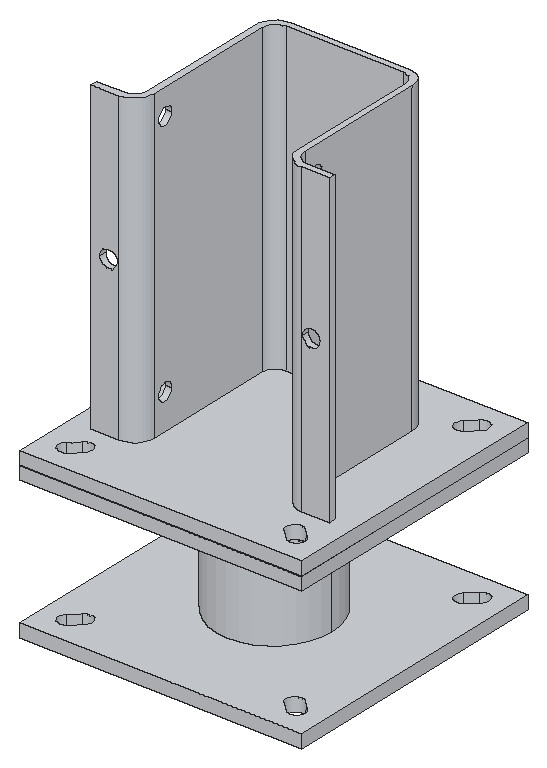
Revit family "Exterior-Building-Maintenance_Fixed-Socket-0D_Lynn-Safety", category Generic Models, host Face, Revit 2026
Family settings
  Host = Face
  Can host rebar = No
  Round Connector Dimension = Use Diameter
  Part Type = Normal
  Cut with Voids When Loaded = No
  Maintain Annotation Orientation = No
  Shared = No
  Room Calculation Point = No
Parameters
  URL = "https://www.lynnsafety.com/"
  Specification = "https://www.arcat.com/company/lynn-safety-inc-49484/spec"
  Product Page URL = "https://www.arcat.com/arcatcos/cos49/arc49484.html"
  Model = "Fixed Socket 0D"
  Manufacturer = "Lynn Safety"
  Keynote = "11 81 23"
  Default Elevation = 4' - 0"
  Copyright = "ARCAT"
  CAD Details = "https://www.arcat.com/company/lynn-safety-inc-49484/cad"
Reference planes (in)
  plane 1 "Center (Front/Back)": y = 0
  plane 2: z = 0
  plane 3 "Center (Left/Right)": x = 0
  plane 4: x = 15
  plane 5: z = -10.27993
Forms (in)
  Extrusion 1, solid
    sketch origin (0, 0, -8.77993) x (1, 0, 0) y (0, 1, 0)
      loop
        line (-8, -8) -> (8, -8) -> (8, 8) -> (-8, 8) -> (-8, -8)
      loop
        arc (-6.35355, 5.64645) -> (-5.64645, 5.64645) -> (-5.64645, 6.35355) r 0.5
        line (-5.64645, 6.35355) -> (-6.14645, 6.85355)
        arc (-6.14645, 6.85355) -> (-6.85355, 6.85355) -> (-6.85355, 6.14645) r 0.5
        line (-6.85355, 6.14645) -> (-6.35355, 5.64645)
      loop
        arc (-5.64645, -6.35355) -> (-5.64645, -5.64645) -> (-6.35355, -5.64645) r 0.5
        line (-6.35355, -5.64645) -> (-6.85355, -6.14645)
        arc (-6.85355, -6.14645) -> (-6.85355, -6.85355) -> (-6.14645, -6.85355) r 0.5
        line (-6.14645, -6.85355) -> (-5.64645, -6.35355)
      loop
        arc (6.14645, -6.85355) -> (6.85355, -6.85355) -> (6.85355, -6.14645) r 0.5
        line (6.85355, -6.14645) -> (6.35355, -5.64645)
        arc (6.35355, -5.64645) -> (5.64645, -5.64645) -> (5.64645, -6.35355) r 0.5
        line (5.64645, -6.35355) -> (6.14645, -6.85355)
      loop
        line (6.35355, 5.64645) -> (6.85355, 6.14645)
        arc (6.85355, 6.14645) -> (6.85355, 6.85355) -> (6.14645, 6.85355) r 0.5
        line (6.14645, 6.85355) -> (5.64645, 6.35355)
        arc (5.64645, 6.35355) -> (5.64645, 5.64645) -> (6.35355, 5.64645) r 0.5
    from 7.27111 to 8
  Extrusion 2, solid
    sketch origin (0, 0, 0) x (1, 0, 0) y (0, 1, 0)
      loop
        line (-4.4375, 4.25) -> (-4.4375, -3.375)
        arc (-4.4375, -3.375) -> (-4.65717, -3.90533) -> (-5.1875, -4.125) r 0.75
        line (-5.1875, -4.125) -> (-6.75, -4.125) -> (-6.75, -4.5) -> (-5.1875, -4.5)
        arc (-5.1875, -4.5) -> (-4.392, -4.1705) -> (-4.0625, -3.375) r 1.125
        line (-4.0625, -3.375) -> (-4.0625, 4.25)
        arc (-4.0625, 4.25) -> (-3.84283, 4.78033) -> (-3.3125, 5) r 0.75
        line (-3.3125, 5) -> (3.3125, 5)
        arc (3.3125, 5) -> (3.84283, 4.78033) -> (4.0625, 4.25) r 0.75
        line (4.0625, 4.25) -> (4.0625, -3.375)
        arc (4.0625, -3.375) -> (4.392, -4.1705) -> (5.1875, -4.5) r 1.125
        line (5.1875, -4.5) -> (6.75, -4.5) -> (6.75, -4.125) -> (5.1875, -4.125)
        arc (5.1875, -4.125) -> (4.65717, -3.90533) -> (4.4375, -3.375) r 0.75
        line (4.4375, -3.375) -> (4.4375, 4.25)
        arc (4.4375, 4.25) -> (4.108, 5.0455) -> (3.3125, 5.375) r 1.125
        line (3.3125, 5.375) -> (-3.3125, 5.375)
        arc (-3.3125, 5.375) -> (-4.108, 5.0455) -> (-4.4375, 4.25) r 1.125
    from -0.77993 to 16.72007
  Extrusion 3, solid
    sketch origin (0, 0, -9.52993) x (1, 0, 0) y (0, 1, 0)
      loop
        line (-8, -8) -> (8, -8) -> (8, 8) -> (-8, 8) -> (-8, -8)
      loop
        arc (-6.35355, 5.64645) -> (-5.64645, 5.64645) -> (-5.64645, 6.35355) r 0.5
        line (-5.64645, 6.35355) -> (-6.14645, 6.85355)
        arc (-6.14645, 6.85355) -> (-6.85355, 6.85355) -> (-6.85355, 6.14645) r 0.5
        line (-6.85355, 6.14645) -> (-6.35355, 5.64645)
      loop
        arc (-5.64645, -6.35355) -> (-5.64645, -5.64645) -> (-6.35355, -5.64645) r 0.5
        line (-6.35355, -5.64645) -> (-6.85355, -6.14645)
        arc (-6.85355, -6.14645) -> (-6.85355, -6.85355) -> (-6.14645, -6.85355) r 0.5
        line (-6.14645, -6.85355) -> (-5.64645, -6.35355)
      loop
        arc (6.14645, -6.85355) -> (6.85355, -6.85355) -> (6.85355, -6.14645) r 0.5
        line (6.85355, -6.14645) -> (6.35355, -5.64645)
        arc (6.35355, -5.64645) -> (5.64645, -5.64645) -> (5.64645, -6.35355) r 0.5
        line (5.64645, -6.35355) -> (6.14645, -6.85355)
      loop
        line (6.35355, 5.64645) -> (6.85355, 6.14645)
        arc (6.85355, 6.14645) -> (6.85355, 6.85355) -> (6.14645, 6.85355) r 0.5
        line (6.14645, 6.85355) -> (5.64645, 6.35355)
        arc (5.64645, 6.35355) -> (5.64645, 5.64645) -> (6.35355, 5.64645) r 0.5
    from 7.25 to 7.97771
  Extrusion 4, solid
    sketch origin (0, 0, -17.52993) x (1, 0, 0) y (0, 1, 0)
      loop
        line (-8, -8) -> (8, -8) -> (8, 8) -> (-8, 8) -> (-8, -8)
      loop
        arc (-6.35355, 5.64645) -> (-5.64645, 5.64645) -> (-5.64645, 6.35355) r 0.5
        line (-5.64645, 6.35355) -> (-6.14645, 6.85355)
        arc (-6.14645, 6.85355) -> (-6.85355, 6.85355) -> (-6.85355, 6.14645) r 0.5
        line (-6.85355, 6.14645) -> (-6.35355, 5.64645)
      loop
        arc (-5.64645, -6.35355) -> (-5.64645, -5.64645) -> (-6.35355, -5.64645) r 0.5
        line (-6.35355, -5.64645) -> (-6.85355, -6.14645)
        arc (-6.85355, -6.14645) -> (-6.85355, -6.85355) -> (-6.14645, -6.85355) r 0.5
        line (-6.14645, -6.85355) -> (-5.64645, -6.35355)
      loop
        arc (6.14645, -6.85355) -> (6.85355, -6.85355) -> (6.85355, -6.14645) r 0.5
        line (6.85355, -6.14645) -> (6.35355, -5.64645)
        arc (6.35355, -5.64645) -> (5.64645, -5.64645) -> (5.64645, -6.35355) r 0.5
        line (5.64645, -6.35355) -> (6.14645, -6.85355)
      loop
        line (6.35355, 5.64645) -> (6.85355, 6.14645)
        arc (6.85355, 6.14645) -> (6.85355, 6.85355) -> (6.14645, 6.85355) r 0.5
        line (6.14645, 6.85355) -> (5.64645, 6.35355)
        arc (5.64645, 6.35355) -> (5.64645, 5.64645) -> (6.35355, 5.64645) r 0.5
    from 7.25 to 8
  Extrusion 5, void
    sketch origin (-8, -8, -8.77993) x (-1, 0, 0) y (0, 0, 1)
      loop
        circle (-2.24589, 16.99435) r 0.5
      loop
        circle (-13.74589, 16.99435) r 0.5
    from 1.64645 to 5.11023
  Extrusion 6, void
    sketch origin (0, 0, 0) x (0, 1, 0) y (0, 0, 1)
      loop
        circle (-2.62172, 15.23302) r 0.5
      loop
        circle (-2.62172, 1.23302) r 0.5
    from -5.64645 to 5.64645
  Extrusion 7, solid
    sketch origin (0, 0, -14.52993) x (1, 0, 0) y (0, 1, 0)
      loop
        circle (0, 0) r 3.31278
    from 5 to 12.25
Cuts and joins
  Extrusion 5, Extrusion 6 cuts Extrusion 2
Dimensions and locks (in)
  plane 3 "Center (Left/Right)" to plane 4 = 1' - 3"
  aligned and locked: plane 2 to host face
  aligned and locked: level to host face
